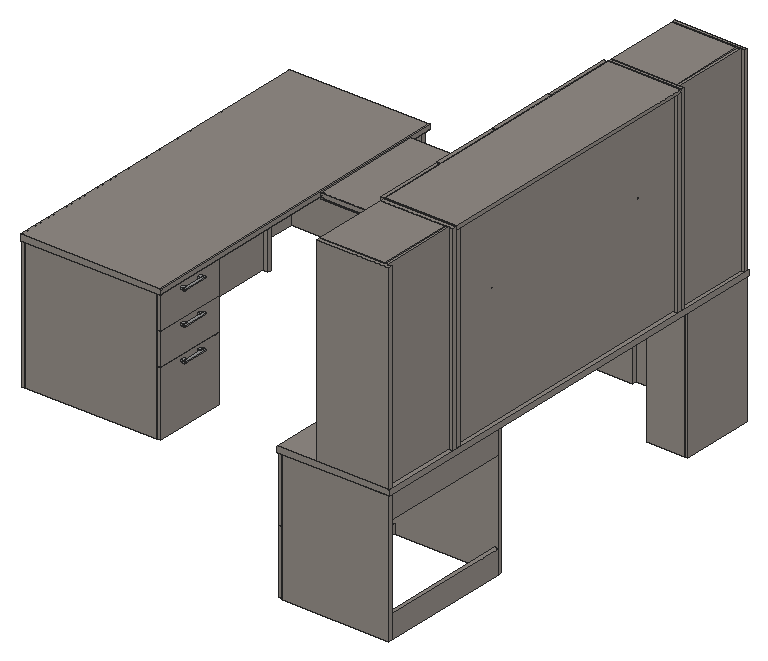
Revit family "JSI-Vision-Typical_Veneer-VSV114", category Furniture, Revit 2020
Family settings
  OmniClass Number = 23.40.20.00
  OmniClass Title = General Furniture and Specialties
  Work Plane-Based = No
  Always vertical = Yes
  Cut with Voids When Loaded = No
  Shared = No
  Room Calculation Point = No
Parameters (values of type "VSV114")
  URL = "www.jsifurniture.com"
  Type Comments = "Typical Veneer"  # constant formula
  Model = "VSV114"
  Manufacturer = "JSI"  # constant formula
  Keynote = "12500"
  Default Elevation = 0"
  Assembly Code = "E2020200"
Reference planes (in)
  plane 1 "Center Front/Back": y = 0
  plane 2: z = 0
  plane 3 "Center Left/Right": x = 0
Dimensions and locks (in)
  aligned and locked: level to plane 2
Nested families (in)
  nested 1: "JSI-Vision-Overhead_Bookcase" at (102.25, -78, -0.8165) x (0, -1, 0) z (0, 0, 1), type "VSV1618BO, Veneer Bookcase OH Cab. 16" x 18""
    with Width 18", Unit Centre 9"
  nested 2: "JSI-Vision-Modular_Wing_End_Support" at (102.25, 0, 0) x (0, -1, 0) z (0, 0, 1), type "VSV1624WEAL, Wing End Sup - Left"
  nested 3: "JSI-Vision-Overhead_Cabinets" at (102.25, -17.875, -0.8165) x (0, -1, 0) z (0, 0, 1), type "VSV1660SO, Veneer OH Cab. 16" x 60", 4 Doors"
    with Verticall Partition Distance 29 3/4", Unit Centre 30", Width 60", Door Width Actual 14 25/32", Door Array Spacing 14 29/32", Door Width 14 25/32", # of Doors 4
  nested 4: "JSI-Vision-Credenza_Top" at (102.25, 0, 27.996) x (0, -1, 0) z (0, 0, 1), type "VSV2496MCT, Veneer Credenza Top, 24" x 96""
    with Height 0", Width 96", Depth 24"
  nested 5: "JSI-Vision-Modular_Multi_File_Pedestal" at (102.25, -65.75, 0) x (0, -1, 0) z (0, 0, 1), type "VSV3024MRM, Veneer Modular Multi File Ped - Right"
    with Multi Pstn 22 5/8", L no, Height 27.996", Depth 24"
  nested 6: "JSI-Vision-Single_Pedestal_Desk-Break_Front_Modesty" at (10.34916, -30.35288, 0) x (0, 1, 0) z (0, 0, 1), type "VSV3072LD, Veneer 30 x 72 Left Ped Desk, Brk Frnt Modesty"
    with Width 72", Height 29.187", Panel FF 56 1/4"
  nested 7: "JSI-Vision-Overhead_Bookcase" at (102.25, -18, -0.8165) x (0, 1, 0) z (0, 0, 1), type "VSV1618BO, Veneer Bookcase OH Cab. 16" x 18""
    with Width 18", Unit Centre 9"
  nested 8: "JSI-Vision-Support_Rail_Work_Surface" at (91.25, -20.94691, 0.18378) x (0, -1, 0) z (0, 0, 1), type "GP0243SB, Metal Support Rail for Work Surface  2W 43 L 3/4H"
  nested 9: "JSI-Vision-Bridge_Modesty_Panel" at (30, 0, 0), type "VSV2448EB, Bridge w/Modesty Panel 24"d x 48"w"
Definition of nested family "JSI-Vision-Overhead_Bookcase"
  Parameters (values of type "Overhead Bookcase - Type Catalog Family")
    Top = none
    Width = 36"
    Unit Centre = Width / 2  # 18"
    URL = "www.jsifurniture.com"
    Type Comments = ""
    Tag = "Open"
    Series = "Vision Casegoods"  # constant formula
    Overhead Height = 26 1/2"
    OH Elevation = 30"
    Model = "Type Catalog"
    Material = ""
    Manufacturer = "JSI"  # constant formula
    Keynote = "12500"  # constant formula
    JSI Enviromental Website = "http://www.jsifurniture.com/jsi_sustainability_intro.php"
    Height = 42"
    Grommet Finish = none
    Door Front = none
    Description = "Type Catalog"
    Depth = 15 7/16"
    Default Elevation = 0"
    Chassis = none
    Assembly Code = "E2020200"
  Reference planes (in)
    plane 1 "Center Front/Back": y = 0
    plane 2: z = 0
    plane 3 "Center Left/Right": x = 0
    plane 4: z = 0
    plane 5: y = -0.125
    plane 6: x = 0.125
    plane 7: x = 36
    plane 8: x = 35.875
    plane 9: y = -15.5625
    plane 10: y = -15.6875
    plane 11: y = -16.4375
    plane 12: x = 0.875
    plane 13: x = 35.125
    plane 14: x = 18
    plane 15: z = 72.5
    plane 16: z = 71.75
    plane 17: z = 30
    plane 18: x = 0.1875
    plane 19: x = 35.8125
    plane 20: z = 72
    plane 21: z = 56.875
    plane 22: z = 43.25
    plane 23: z = 57.25
    plane 24: z = 56.5
    plane 25: z = 43.625
    plane 26: z = 42.875
    plane 27: z = 55
  Forms (in)
    Extrusion 1, solid, material <- "Chassis"
      sketch origin (0, 0, 0) x (1, 0, 0) y (0, 1, 0)
        loop
          line (0.125, -0.125) -> (0.125, -15.5625) -> (0.875, -15.5625) -> (0.875, -0.125) -> (0.125, -0.125)
      from 30 to 72.5
    Extrusion 2, solid, material <- "Chassis"
      sketch origin (0, 0, 0) x (1, 0, 0) y (0, 1, 0)
        loop
          line (35.125, -0.125) -> (35.125, -15.5625) -> (35.875, -15.5625) -> (35.875, -0.125) -> (35.125, -0.125)
      from 30 to 72.5
    Extrusion 3, solid, material <- "Chassis"
      sketch origin (102.12288, -0.9375, 48) x (1, 0, 0) y (0, 0, 1)
        loop
          line (-101.24788, 24.5) -> (-101.24788, -18) -> (-66.99788, -18) -> (-66.99788, 24.5) -> (-101.24788, 24.5)
      from 0 to 0.75
    Extrusion 4, solid, material <- "Top"
      sketch origin (60, -0.125, 48) x (1, 0, 0) y (0, 0, 1)
        loop
          line (-59.125, 24.5) -> (-59.125, 23.75) -> (-24.875, 23.75) -> (-24.875, 24.5) -> (-59.125, 24.5)
      from 1.5625 to 15.4375
    Extrusion 5, solid, material <- "Chassis"
      sketch origin (60, -0.125, 48) x (1, 0, 0) y (0, 0, 1)
        loop
          line (-59.125, 9.25) -> (-59.125, 8.5) -> (-24.875, 8.5) -> (-24.875, 9.25) -> (-59.125, 9.25)
      from 1.5625 to 15.4375
    Extrusion 6, solid, material <- "Chassis"
      sketch origin (60, -0.125, 48) x (1, 0, 0) y (0, 0, 1)
        loop
          line (-59.125, -4.375) -> (-59.125, -5.125) -> (-24.875, -5.125) -> (-24.875, -4.375) -> (-59.125, -4.375)
      from 1.5625 to 15.4375
    Extrusion 7, solid, material <- "Chassis"
      sketch origin (0, 0, 0) x (1, 0, 0) y (0, 1, 0)
        loop
          line (0.875, -14.0625) -> (0.875, -14.8125) -> (35.125, -14.8125) -> (35.125, -14.0625) -> (0.875, -14.0625)
      from 55 to 56.5
  Lines and regions (in)
    symbolic lines
      curve 1: line (35.875, -0.125, 0) -> (0.125, -0.125, 0)
      curve 2: line (0.125, -0.125, 0) -> (0.125, -15.5625, 0)
      curve 3: line (0.125, -15.5625, 0) -> (35.875, -15.5625, 0)
      curve 4: line (35.875, -15.5625, 0) -> (35.875, -0.125, 0)
  Dimensions and locks (in)
    locked: plane 3 "Center Left/Right" to plane 6 at 0.125
    "Width": plane 3 "Center Left/Right" to plane 7
    locked: plane 8 to plane 7 at 0.125
    locked: plane 10 to plane 9 at 0.125
    locked: plane 11 to plane 10 at 0.75
    Extrusion 4 to Extrusion 3 to plane 5 to plane 1 "Center Front/Back" = 3/4" locked, 13/16" locked, 1/8" locked
    locked: plane 6 to plane 12 at 0.75
    locked: plane 13 to plane 8 at 0.75
    "Unit Centre": plane 3 "Center Left/Right" to plane 14
    locked: plane 15 to plane 16 at 0.75
    "OH Elevation": plane 17 to plane 4
    locked: plane 6 to plane 18 at 0.0625
    locked: plane 19 to plane 8 at 0.0625
    "Depth": plane 9 to plane 5
    locked: plane 15 to plane 20 at 0.5
    "Height": plane 20 to plane 17
    plane 23 to plane 21 to plane 24 = 3/8" locked, 3/8" locked
    plane 25 to plane 22 to plane 26 = 3/8" locked, 3/8" locked
    locked: plane 24 to plane 27 at 1.5
    equal spacing: plane 24, plane 22, plane 17
    "Overhead Height": plane 24 to plane 17
    plane 11 to Extrusion 7 sketch curve to Extrusion 7 sketch curve = 1 5/8" locked, 3/4" locked
    plane 5 to Extrusion 3 to Extrusion 3 = 13/16" locked, 3/4" locked
    aligned and locked: level to plane 2
    aligned and locked: plane 6 to Extrusion 1 sketch curve
    aligned and locked: Extrusion 1 sketch curve to plane 9
    aligned and locked: Extrusion 1 sketch curve to plane 12
    aligned and locked: plane 5 to Extrusion 1 sketch curve
    aligned and locked: plane 13 to Extrusion 2 sketch curve
    aligned and locked: Extrusion 2 sketch curve to plane 9
    aligned and locked: Extrusion 2 sketch curve to plane 8
    aligned and locked: plane 5 to Extrusion 2 sketch curve
    aligned and locked: plane 12 to Extrusion 3 sketch curve
    aligned and locked: Extrusion 3 sketch curve to plane 13
    aligned and locked: Extrusion 1 to plane 17
    aligned and locked: Extrusion 2 to plane 17
    aligned and locked: plane 16 to Extrusion 4 sketch curve
    aligned and locked: Extrusion 4 sketch curve to plane 15
    aligned and locked: Extrusion 5 sketch curve to plane 23
    aligned and locked: plane 24 to Extrusion 5 sketch curve
    aligned and locked: Extrusion 5 sketch curve to plane 13
    aligned and locked: plane 12 to Extrusion 5 sketch curve
    aligned and locked: Extrusion 6 sketch curve to plane 25
    aligned and locked: plane 26 to Extrusion 6 sketch curve
    aligned and locked: Extrusion 6 sketch curve to plane 13
    aligned and locked: plane 12 to Extrusion 6 sketch curve
    aligned and locked: plane 9 to Extrusion 5
    aligned and locked: plane 9 to Extrusion 6
    aligned and locked: Extrusion 7 sketch curve to plane 13
    aligned and locked: plane 12 to Extrusion 7 sketch curve
    aligned and locked: plane 24 to Extrusion 7
    aligned and locked: Extrusion 7 to plane 27
    aligned and locked: plane 14 to nested 1
    aligned and locked: plane 9 to nested 1
    aligned and locked: plane 15 to Extrusion 1
    aligned and locked: plane 15 to Extrusion 2
    aligned and locked: plane 15 to Extrusion 3
    aligned and locked: plane 13 to Extrusion 4
    aligned and locked: Extrusion 4 to plane 12
    aligned and locked: plane 9 to Extrusion 4
    aligned and locked: curve 1 to Extrusion 1
    aligned and locked: curve 2 to Extrusion 1
    aligned and locked: curve 3 to Extrusion 4
    aligned and locked: curve 4 to Extrusion 2
    aligned and locked: Extrusion 3 to Extrusion 4
    aligned and locked: Extrusion 5 to Extrusion 3
    aligned and locked: Extrusion 6 to Extrusion 3
  Automatic sketch dimensions
    plane 16 to Extrusion 3 sketch curve = 3/4"
    plane 6 to Extrusion 4 sketch curve = 3/4"
    Extrusion 4 sketch curve to plane 8 = 3/4"
    Extrusion 3 sketch curve to plane 17 = 0"
  Nested families (in)
    nested 1: "Label 1-16 OH" at (18, -15.5625, 0), type "OH DOORS"
  Definition of nested family "Label 1-16 OH"
    Parameters
      Width = 1"
      Model Name = "4 Doors"
    Reference planes (in)
      plane 1: y = 0
      plane 2: x = 0
    Text (in)
      label "XX" at (0.00051, -0.12324, 0), shows "Model Name"
Definition of nested family "JSI-Vision-Modular_Wing_End_Support"
  Parameters (values of type "VST1624WEAL, Wing End Sup - Left")
    Width = 16"
    URL = "www.jsifurniture.com"
    Series = "Vision Casegoods"  # constant formula
    Pnl Pstn = if(L, 1/8", Width - 7/8")  # 1/8"
    Model = "VST1624WEAL"
    Manufacturer = "JSI"  # constant formula
    L = yes
    Keynote = "12500"  # constant formula
    JSI Enviromental website = "http://www.jsifurniture.com/jsi_sustainability_intro.php"
    Height = 28"
    Grommet Finish = none
    Description = "Wing End Support 16\"W x 24\"D - Left"
    Depth = 24"
    Default Elevation = 0"
    Chassis = none
    Assembly Code = "E2020200"
  Reference planes (in)
    plane 1 "Center Front/Back": y = 0
    plane 2: z = 0
    plane 3 "Center Left/Right": x = 0
    plane 4: x = 0.125
    plane 5: x = 15.875
    plane 6: x = 16
    plane 7: y = -0.1875
    plane 8: z = 28
    plane 9: x = 0.875
    plane 10: x = 15.126
    plane 11: y = -24
    plane 12: y = -23.8125
    plane 13: y = -0.9375
    plane 14: x = 0.125
    plane 15: x = 15.875
  Forms (in)
    Extrusion 1, solid, material <- "Chassis"
      sketch origin (0, 0, 0) x (1, 0, 0) y (0, 1, 0)
        loop
          line (0.125, -0.1875) -> (0.125, -0.9375) -> (15.875, -0.9375) -> (15.875, -0.1875) -> (0.125, -0.1875)
      from 0 to 28
    Extrusion 2, solid, material <- "Chassis"
      sketch origin (0.125, -0.1875, 48) x (0, 1, 0) y (0, 0, 1)
        loop
          line (-0.75, -20) -> (-23.625, -20) -> (-23.625, -48) -> (-0.75, -48) -> (-0.75, -20)
      from 0 to 0.75
    Extrusion 3, solid, material <- "Chassis"
      sketch origin (15.875, -0.1875, 48) x (0, 1, 0) y (0, 0, 1)
        loop
          line (-0.75, -20) -> (-8.75, -20) -> (-8.75, -48) -> (-0.75, -48) -> (-0.75, -20)
      from -0.749 to 0
    Extrusion 4, solid, material <- "Chassis"
      sketch origin (0, 0, 0) x (0, 1, 0) y (0, 0, 1)
        loop
          line (-0.9375, 1.75) -> (-0.9375, 2.5) -> (-2.875, 2.5) -> (-2.875, 1.75) -> (-0.9375, 1.75)
      from 0.875 to 15.126
  Lines and regions (in)
    symbolic lines
      curve 1: line (15.875, -0.1875, 0) -> (0.125, -0.1875, 0)
      curve 2: line (0.125, -23.8125, 0) -> (0.125, -0.1875, 0)
      curve 3: line (15.875, -0.1875, 0) -> (15.875, -4.9375, 0)
      curve 4: line (0.125, -0.9375, 0) -> (15.875, -0.9375, 0)
      curve 5: line (0.875, -0.9375, 0) -> (0.875, -23.8125, 0)
      curve 6: line (0.125, -23.8125, 0) -> (0.875, -23.8125, 0)
      curve 7: line (15.126, -0.9375, 0) -> (15.126, -4.9375, 0)
      curve 8: line (15.126, -4.9375, 0) -> (15.875, -4.9375, 0)
  Dimensions and locks (in)
    locked: plane 1 "Center Front/Back" to plane 7 at 0.1875
    "Height": plane 8 to level
    locked: plane 4 to plane 9 at 0.75
    locked: plane 10 to plane 5 at 0.749
    "Depth": plane 11 to plane 1 "Center Front/Back"
    "Width": plane 3 "Center Left/Right" to plane 6
    locked: plane 3 "Center Left/Right" to plane 14 at 0.125
    locked: plane 15 to plane 6 at 0.125
    locked: Extrusion 1 to Extrusion 4 at 0.75
    locked: Extrusion 4 to Extrusion 1 at 0.749
    "Pnl Pstn": plane 3 "Center Left/Right" to plane 4
    "Pnl Pstn": plane 5 to plane 6
    locked: plane 12 to plane 11 at 0.1875
    Extrusion 4 to Extrusion 4 to plane 2 = 3/4" locked, 1 3/4" locked
    locked: plane 13 to Extrusion 4 at 1.9375
    aligned and locked: level to plane 2
    aligned and locked: Extrusion 1 sketch curve to plane 7
    aligned and locked: Extrusion 2 sketch curve to level
    aligned and locked: Extrusion 3 sketch curve to plane 8
    aligned and locked: level to Extrusion 3 sketch curve
    aligned and locked: Extrusion 2 to plane 12
    aligned and locked: plane 13 to Extrusion 2
    aligned and locked: plane 9 to Extrusion 2
    aligned and locked: Extrusion 2 to plane 4
    aligned and locked: Extrusion 1 to plane 14
    aligned and locked: plane 15 to Extrusion 1
    aligned and locked: curve 6 to plane 12
    aligned and locked: plane 13 to Extrusion 4 sketch curve
    aligned and locked: plane 13 to Extrusion 3
    aligned and locked: plane 14 to curve 1
  Automatic sketch dimensions
    plane 11 to Extrusion 3 sketch curve = 15 1/16"
    Extrusion 2 sketch curve to plane 8 = 0"
    plane 12 to Extrusion 2 sketch curve = 0"
    Extrusion 1 sketch curve to plane 7 = 3/4"
    Extrusion 2 sketch curve to plane 7 = 3/4"
    Extrusion 3 sketch curve to plane 7 = 3/4"
    Extrusion 1 sketch curve to plane 4 = 0"
    plane 5 to Extrusion 1 sketch curve = 0"
    curve 7 to plane 10 = 0"
    curve 3 to plane 5 = 0"
    curve 2 to plane 4 = 0"
    curve 6 to plane 9 = 0"
    curve 1 to plane 15 = 0"
    curve 4 to plane 13 = 0"
    curve 7 to plane 13 = 0"
    curve 5 to plane 13 = 0"
    curve 2 to plane 7 = 0"
    level to Extrusion 4 sketch curve = 1 3/4"
    Extrusion 4 sketch curve to Extrusion 4 sketch curve = 3/4"
    curve 3 to curve 4 = 4"
    Extrusion 4 sketch curve to plane 13 = 1 15/16"
Definition of nested family "JSI-Vision-Overhead_Cabinets"
  Parameters (values of type "Overhead Cab. Doors - Type Catalog Family")
    Verticall Partition Distance = (Door Width * 2) + 3/16"  # 29 13/16"
    Unit Centre = Width / 2  # 45"
    Top = none
    Width = 90"
    URL = "www.jsifurniture.com"
    Type Comments = ""
    Tag = "6 Doors"
    Series = "Vision Casegoods"  # constant formula
    Right Vertical Partition = yes
    Overhead Height = 26 1/2"
    OH Elevation = 30"
    Model = "Type Catalog"
    Material = ""
    Manufacturer = "JSI"  # constant formula
    Left Vertical Partition = yes
    Keynote = "12500"  # constant formula
    JSI Enviromental Website = "http://www.jsifurniture.com/jsi_sustainability_intro.php"
    Height = 42"
    Grommet Finish = none
    Gromett Height = OH Elevation + 24 5/8"  # 54 5/8"
    Door Width Actual = if(# of Doors > 4, ((Width - 1 1/8") / # of Doors), if(# of Doors > 3, (((Width - 1 1/8") / # of Doors) + 1/16"), if(# of Doors > 2, (((Width - 1 1/8") / # of Doors) + 1/8"), (((Width - 1 1/8") / # of Doors) + 1/4"))))  # 14 13/16"
    Door Array Spacing = Door Width + 1/8"  # 14 15/16"
    Door Width = Door Width Actual  # 14 13/16"
    Door Front = none
    Description = "Type Catalog"
    Depth = 16"
    Default Elevation = 0"
    Chassis = none
    Assembly Code = "E2020200"
    # of Doors = if(Width > 89", 6, (if(Width > 53", 4, (if(Width > 41", 3, (if(Width > 30", 2, 2)))))))  # 6
  Reference planes (in)
    plane 1 "Center Front/Back": y = 0
    plane 2: z = 0
    plane 3 "Center Left/Right": x = 0
    plane 4 "a": z = 0
    plane 5: y = -0.125
    plane 6: x = 90
    plane 7: x = 0.125
    plane 8: x = 89.875
    plane 9: y = -15.5625
    plane 10: y = -16
    plane 11: z = 72.5
    plane 12: z = 72
    plane 13: x = 0.875
    plane 14: x = 89.125
    plane 15: y = -0.875
    plane 16: y = -0.9375
    plane 17: y = -1.6875
    plane 18: z = 71.75
    plane 19: z = 56.5
    plane 20: z = 57.25
    plane 21: z = 55
    plane 22: y = -14.8125
    plane 23: y = -14.0625
    plane 24: x = 0.25
    plane 25: x = 89.75
    plane 26: z = 72.4375
    plane 27: z = 55.1875
    plane 28: y = -15.6875
    plane 29: y = -16.4375
    plane 30: x = 45
    plane 31: x = 30.0625
    plane 32: x = 59.9375
    plane 33: x = 29.6875
    plane 34: x = 30.4375
    plane 35: x = 59.5625
    plane 36: x = 60.3125
    plane 37 "Not a Reference": x = 6.875
    plane 38: x = 83.125
    plane 39: z = 30
  Forms (in)
    Extrusion 1, solid, material <- "Chassis"
      sketch origin (0, 0, 0) x (1, 0, 0) y (0, 1, 0)
        loop
          line (0.125, -0.125) -> (0.125, -15.5625) -> (0.875, -15.5625) -> (0.875, -0.125) -> (0.125, -0.125)
      from 30 to 71.75
    Extrusion 2, solid, material <- "Chassis"
      sketch origin (0, 0, 0) x (1, 0, 0) y (0, 1, 0)
        loop
          line (89.875, -0.125) -> (89.125, -0.125) -> (89.125, -15.5625) -> (89.875, -15.5625) -> (89.875, -0.125)
      from 30 to 71.75
    Extrusion 3, solid, material <- "Door Front"
      sketch origin (0, 0, 0) x (1, 0, 0) y (0, 0, 1)
        loop
          line (0.125, 72.5) -> (0.125, 71.75) -> (89.875, 71.75) -> (89.875, 72.5) -> (0.125, 72.5)
      from 0.125 to 15.5625
    Extrusion 4, solid, material <- "Chassis"
      sketch origin (0, 0, 0) x (1, 0, 0) y (0, 0, 1)
        loop
          line (0.875, 57.25) -> (0.875, 56.5) -> (89.125, 56.5) -> (89.125, 57.25) -> (0.875, 57.25)
      from 1.6875 to 15.5625
    Extrusion 5, solid, material <- "Chassis"
      sketch origin (0, 0, 0) x (1, 0, 0) y (0, 1, 0)
        loop
          line (0.875, -14.0625) -> (0.875, -14.8125) -> (89.125, -14.8125) -> (89.125, -14.0625) -> (0.875, -14.0625)
      from 55 to 56.5
    Extrusion 6, solid, material <- "Door Front"
      sketch origin (-3, 0, 18) x (1, 0, 0) y (0, 1, 0)
        loop
          line (3.25, -15.6875) -> (3.25, -16.4375) -> (18.0625, -16.4375) -> (18.0625, -15.6875) -> (3.25, -15.6875)
      from 37.1875 to 54.4375
    Extrusion 7, solid, material <- "Door Front"
      sketch origin (11.9375, 0, 18) x (1, 0, 0) y (0, 1, 0)
        loop
          line (3.25, -15.6875) -> (3.25, -16.4375) -> (18.0625, -16.4375) -> (18.0625, -15.6875) -> (3.25, -15.6875)
      from 37.1875 to 54.4375
    Extrusion 8, solid, material <- "Chassis", visible <- "Left Vertical Partition"
      sketch origin (0, 0, 0) x (1, 0, 0) y (0, 1, 0)
        loop
          line (29.6875, -1.6875) -> (29.6875, -15.5625) -> (30.4375, -15.5625) -> (30.4375, -1.6875) -> (29.6875, -1.6875)
      from 57.25 to 71.75
    Extrusion 9, solid, material <- "Chassis", visible <- "Right Vertical Partition"
      sketch origin (0, 0, 0) x (1, 0, 0) y (0, 1, 0)
        loop
          line (59.5625, -1.6875) -> (59.5625, -15.5625) -> (60.3125, -15.5625) -> (60.3125, -1.6875) -> (59.5625, -1.6875)
      from 57.25 to 71.75
    Extrusion 10, solid, material <- "Chassis"
      sketch origin (130.61992, -0.9375, 48) x (1, 0, 0) y (0, 0, 1)
        loop
          line (-129.74492, 23.75) -> (-129.74492, -18) -> (-41.49492, -18) -> (-41.49492, 23.75) -> (-129.74492, 23.75)
        loop
          circle (-120.11946, 7.90657) r 0.33443
        loop
          circle (-51.12039, 7.90657) r 0.33443
      from 0 to 0.75
    Extrusion 11, solid, material <- "Door Front"
      sketch origin (26.875, 0, 18) x (1, 0, 0) y (0, 1, 0)
        loop
          line (3.25, -15.6875) -> (3.25, -16.4375) -> (18.0625, -16.4375) -> (18.0625, -15.6875) -> (3.25, -15.6875)
      from 37.1875 to 54.4375
    Extrusion 12, solid, material <- "Door Front"
      sketch origin (41.8125, 0, 18) x (1, 0, 0) y (0, 1, 0)
        loop
          line (3.25, -15.6875) -> (3.25, -16.4375) -> (18.0625, -16.4375) -> (18.0625, -15.6875) -> (3.25, -15.6875)
      from 37.1875 to 54.4375
    Extrusion 13, solid, material <- "Door Front"
      sketch origin (56.75, 0, 18) x (1, 0, 0) y (0, 1, 0)
        loop
          line (3.25, -15.6875) -> (3.25, -16.4375) -> (18.0625, -16.4375) -> (18.0625, -15.6875) -> (3.25, -15.6875)
      from 37.1875 to 54.4375
    Extrusion 14, solid, material <- "Door Front"
      sketch origin (71.6875, 0, 18) x (1, 0, 0) y (0, 1, 0)
        loop
          line (3.25, -15.6875) -> (3.25, -16.4375) -> (18.0625, -16.4375) -> (18.0625, -15.6875) -> (3.25, -15.6875)
      from 37.1875 to 54.4375
  Lines and regions (in)
    symbolic lines
      curve 1: line (0.125, -0.125, 0) -> (0.125, -15.5625, 0)
      curve 2: line (89.875, -0.125, 0) -> (0.125, -0.125, 0)
      curve 3: line (0.125, -15.5625, 0) -> (89.875, -15.5625, 0)
      curve 4: line (89.875, -15.5625, 0) -> (89.875, -0.125, 0)
      curve 5: line (0.25, -15.6875, 0) -> (15.0625, -15.6875, 0)
      curve 6: line (0.25, -16.4375, 0) -> (0.25, -15.6875, 0)
      curve 7: line (15.0625, -16.4375, 0) -> (0.25, -16.4375, 0)
      curve 8: line (15.0625, -15.6875, 0) -> (15.0625, -16.4375, 0)
      curve 9: line (15.1875, -15.6875, 0) -> (30, -15.6875, 0)
      curve 10: line (15.1875, -16.4375, 0) -> (15.1875, -15.6875, 0)
      curve 11: line (30, -16.4375, 0) -> (15.1875, -16.4375, 0)
      curve 12: line (30, -15.6875, 0) -> (30, -16.4375, 0)
      curve 13: line (30.125, -15.6875, 0) -> (44.9375, -15.6875, 0)
      curve 14: line (30.125, -16.4375, 0) -> (30.125, -15.6875, 0)
      curve 15: line (44.9375, -16.4375, 0) -> (30.125, -16.4375, 0)
      curve 16: line (44.9375, -15.6875, 0) -> (44.9375, -16.4375, 0)
      curve 17: line (45.0625, -15.6875, 0) -> (59.875, -15.6875, 0)
      curve 18: line (45.0625, -16.4375, 0) -> (45.0625, -15.6875, 0)
      curve 19: line (59.875, -16.4375, 0) -> (45.0625, -16.4375, 0)
      curve 20: line (59.875, -15.6875, 0) -> (59.875, -16.4375, 0)
      curve 21: line (60, -15.6875, 0) -> (74.8125, -15.6875, 0)
      curve 22: line (60, -16.4375, 0) -> (60, -15.6875, 0)
      curve 23: line (74.8125, -16.4375, 0) -> (60, -16.4375, 0)
      curve 24: line (74.8125, -15.6875, 0) -> (74.8125, -16.4375, 0)
      curve 25: line (74.9375, -15.6875, 0) -> (89.75, -15.6875, 0)
      curve 26: line (74.9375, -16.4375, 0) -> (74.9375, -15.6875, 0)
      curve 27: line (89.75, -16.4375, 0) -> (74.9375, -16.4375, 0)
      curve 28: line (89.75, -15.6875, 0) -> (89.75, -16.4375, 0)
  Dimensions and locks (in)
    plane 3 "Center Left/Right" to plane 7 to plane 24 = 1/8" locked, 1/8" locked
    plane 25 to plane 8 to plane 6 = 1/8" locked, 1/8" locked
    locked: plane 5 to plane 1 "Center Front/Back" at 0.125
    plane 10 to plane 9 to plane 22 to plane 23 = 7/16" locked, 3/4" locked, 3/4" locked
    "Width": plane 3 "Center Left/Right" to plane 6
    "Depth": plane 10 to plane 1 "Center Front/Back"
    locked: plane 11 to plane 12 at 0.5
    locked: plane 7 to plane 13 at 0.75
    locked: plane 14 to plane 8 at 0.75
    locked: plane 15 to plane 5 at 0.75
    plane 17 to plane 16 to plane 5 = 3/4" locked, 13/16" locked
    locked: plane 11 to plane 18 at 0.75
    plane 20 to plane 19 to plane 21 = 3/4" locked, 1 1/2" locked
    plane 18 to plane 20 = 14 1/2"
    locked: plane 11 to plane 26 at 0.0625
    locked: plane 27 to plane 21 at 0.1875
    plane 29 to plane 28 to plane 9 = 3/4" locked, 1/8" locked
    "Door Width": Extrusion 6 sketch curve to Extrusion 6 sketch curve
    "Door Width": Extrusion 7 sketch curve to Extrusion 7 sketch curve
    equal spacing: group 1, group 2, group 3, group 4, group 5, group 6  (x3)
    "Door Array Spacing": Extrusion 6 to Extrusion 7
    "Verticall Partition Distance": plane 24 to plane 31
    plane 33 to plane 31 to plane 34 = 3/8" locked, 3/8" locked
    plane 35 to plane 32 to plane 36 = 3/8" locked, 3/8" locked
    "Verticall Partition Distance": plane 32 to plane 25
    "Unit Centre": plane 3 "Center Left/Right" to plane 30
    locked: plane 13 to plane 37 "Not a Reference" at 6
    locked: plane 38 to plane 14 at 6
    "Door Width": Extrusion 11 sketch curve to Extrusion 11 sketch curve
    "Door Width": Extrusion 12 sketch curve to Extrusion 12 sketch curve
    "OH Elevation": plane 39 to plane 4 "a"
    "Height": plane 12 to plane 39
    "Overhead Height": plane 19 to plane 39
    "Door Width": Extrusion 13 sketch curve to Extrusion 13 sketch curve
    "Door Width": Extrusion 14 sketch curve to Extrusion 14 sketch curve
    locked: Extrusion 10 sketch curve to Extrusion 10 sketch curve at 9.62546  (x2)
    locked: Extrusion 10 sketch curve to Extrusion 10 sketch curve at 15.84343  (x2)
    aligned and locked: level to plane 2
    aligned and locked: plane 5 to Extrusion 1 sketch curve
    aligned and locked: plane 7 to Extrusion 1 sketch curve
    aligned and locked: Extrusion 1 sketch curve to plane 13
    aligned and locked: Extrusion 2 sketch curve to plane 5
    aligned and locked: plane 8 to Extrusion 2 sketch curve
    aligned and locked: Extrusion 2 sketch curve to plane 14
    aligned and locked: Extrusion 3 sketch curve to plane 11
    aligned and locked: plane 7 to Extrusion 3 sketch curve
    aligned and locked: Extrusion 3 to plane 5
    aligned and locked: plane 9 to Extrusion 1
    aligned and locked: plane 9 to Extrusion 2
    aligned and locked: plane 9 to Extrusion 3
    aligned and locked: Extrusion 4 sketch curve to plane 20
    aligned and locked: plane 13 to Extrusion 4 sketch curve
    aligned and locked: plane 19 to Extrusion 4 sketch curve
    aligned and locked: Extrusion 4 sketch curve to plane 14
    aligned and locked: Extrusion 4 to plane 17
    aligned and locked: plane 9 to Extrusion 4
    aligned and locked: plane 23 to Extrusion 5 sketch curve
    aligned and locked: plane 13 to Extrusion 5 sketch curve
    aligned and locked: Extrusion 5 sketch curve to plane 22
    aligned and locked: Extrusion 5 sketch curve to plane 14
    aligned and locked: plane 19 to Extrusion 5
    aligned and locked: Extrusion 5 to plane 21
    aligned and locked: plane 26 to Extrusion 6
    aligned and locked: Extrusion 6 to plane 24
    aligned and locked: plane 17 to Extrusion 8 sketch curve
    aligned and locked: plane 33 to Extrusion 8 sketch curve
    aligned and locked: Extrusion 8 sketch curve to plane 9
    aligned and locked: Extrusion 8 sketch curve to plane 34
    aligned and locked: plane 17 to Extrusion 9 sketch curve
    aligned and locked: plane 35 to Extrusion 9 sketch curve
    aligned and locked: Extrusion 9 sketch curve to plane 9
    aligned and locked: Extrusion 9 sketch curve to plane 36
    aligned and locked: plane 18 to Extrusion 8
    aligned and locked: Extrusion 8 to plane 20
    aligned and locked: plane 18 to Extrusion 9
    aligned and locked: Extrusion 9 to plane 20
    aligned and locked: Extrusion 1 to Extrusion 10 sketch curve
    aligned and locked: Extrusion 10 sketch curve to Extrusion 1
    aligned and locked: Extrusion 2 to Extrusion 10 sketch curve
    aligned and locked: Extrusion 10 to plane 16
    aligned and locked: plane 17 to Extrusion 10
    aligned and locked: plane 30 to nested 1
    aligned and locked: plane 29 to nested 1
    aligned and locked: plane 26 to Extrusion 7
    aligned and locked: plane 18 to Extrusion 1
    aligned and locked: plane 18 to Extrusion 2
    aligned and locked: Extrusion 6 to plane 27
    aligned and locked: curve 1 to Extrusion 3
    aligned and locked: curve 2 to Extrusion 3
    aligned and locked: curve 3 to Extrusion 3
    aligned and locked: curve 4 to Extrusion 3
    aligned and locked: Extrusion 1 to plane 39
    aligned and locked: Extrusion 2 to plane 39
    aligned and locked: curve 5 to Extrusion 6
    aligned and locked: curve 6 to Extrusion 6
    aligned and locked: curve 7 to Extrusion 6
    aligned and locked: curve 8 to Extrusion 6
    aligned and locked: curve 9 to Extrusion 7
    aligned and locked: curve 10 to Extrusion 7
    aligned and locked: curve 11 to Extrusion 7
    aligned and locked: curve 12 to Extrusion 7
    aligned and locked: curve 13 to Extrusion 11
    aligned and locked: curve 14 to Extrusion 11
    aligned and locked: curve 15 to Extrusion 11
    aligned and locked: curve 16 to Extrusion 11
    aligned and locked: curve 17 to Extrusion 12
    aligned and locked: curve 18 to Extrusion 12
    aligned and locked: curve 19 to Extrusion 12
    aligned and locked: curve 20 to Extrusion 12
    aligned and locked: curve 21 to Extrusion 13
    aligned and locked: curve 22 to Extrusion 13
    aligned and locked: curve 23 to Extrusion 13
    aligned and locked: curve 24 to Extrusion 13
    aligned and locked: curve 25 to Extrusion 14
    aligned and locked: curve 26 to Extrusion 14
    aligned and locked: curve 27 to Extrusion 14
    aligned and locked: curve 28 to Extrusion 14
  Automatic sketch dimensions
    Extrusion 1 sketch curve to plane 10 = 7/16"
    Extrusion 3 sketch curve to plane 8 = 0"
    Extrusion 3 sketch curve to plane 18 = 0"
    plane 9 to Extrusion 2 sketch curve = 0"
    Extrusion 6 sketch curve to Extrusion 6 sketch curve = 3/4"
    Extrusion 7 sketch curve to Extrusion 7 sketch curve = 3/4"
    Extrusion 11 sketch curve to Extrusion 11 sketch curve = 3/4"
    Extrusion 12 sketch curve to Extrusion 12 sketch curve = 3/4"
    curve 6 to curve 7 = 14 13/16"
    curve 6 to curve 6 = 3/4"
    curve 10 to curve 11 = 14 13/16"
    curve 10 to curve 10 = 3/4"
    curve 14 to curve 15 = 14 13/16"
    curve 14 to curve 14 = 3/4"
    curve 18 to curve 19 = 14 13/16"
    curve 18 to curve 18 = 3/4"
    Extrusion 13 sketch curve to Extrusion 13 sketch curve = 3/4"
    curve 22 to curve 23 = 14 13/16"
    curve 22 to curve 22 = 3/4"
    Extrusion 14 sketch curve to Extrusion 14 sketch curve = 3/4"
    curve 26 to curve 27 = 14 13/16"
    curve 26 to curve 26 = 3/4"
    Extrusion 10 sketch curve to plane 39 = 0"
    radius of Extrusion 10 sketch curve = 0.33443"  (x2)
  Nested families (in)
    nested 1: "Label 1-16 OH" at (45, -16.4375, 0), type "OH DOORS"
  Definition of nested family "Label 1-16 OH"
    Parameters
      Width = 1"
      Model Name = "XX"
    Reference planes (in)
      plane 1: y = 0
      plane 2: x = 0
    Text (in)
      label "XX" at (0.00051, -0.12324, 0), shows "Model Name"
Definition of nested family "JSI-Vision-Credenza_Top"
  Parameters (values of type "Type Catalog")
    Worksurface = none
    Width = 30"
    URL = "www.jsifurniture.com"
    Type Comments = ""
    Series = "Vision Casegoods"  # constant formula
    Model = "Type Catalog"
    Material = ""
    Manufacturer = "JSI"  # constant formula
    Keynote = "12500"
    JSI Enviromental Website = "http://www.jsifurniture.com/jsi_sustainability_intro.php"
    Height [instance] = 0"
    Description = "Type Catalog"
    Depth = 20"
    Default Elevation = 0"
    Assembly Code = "E2020200"
  Reference planes (in)
    plane 1 "Center Front/Back": y = 0
    plane 2: z = 0
    plane 3 "Center Left/Right": x = 0
    plane 4: z = 0
    plane 5: x = 30
    plane 6: y = -20
    plane 7: z = 1.1875
    plane 8: z = 0
  Forms (in)
    Extrusion 1, solid, material <- "Worksurface"
      sketch origin (0, 0, 28) x (0, 1, 0) y (0, 0, 1)
        loop
          line (-19.88189, -28) -> (0, -28) -> (0, -26.8125) -> (-19.88189, -26.8125)
          arc (-19.88189, -26.8125) -> (-19.96541, -26.84709) -> (-20, -26.93061) r 0.11811
          line (-20, -26.93061) -> (-20, -27.88189)
          arc (-20, -27.88189) -> (-19.96541, -27.96541) -> (-19.88189, -28) r 0.11811
      from 0 to 30
  Lines and regions (in)
    symbolic lines
      curve 1: line (0, 0, 0) -> (30, 0, 0)
      curve 2: line (0, -20, 0) -> (0, 0, 0)
      curve 3: line (30, -20, 0) -> (0, -20, 0)
      curve 4: line (30, 0, 0) -> (30, -20, 0)
  Dimensions and locks (in)
    "Depth": plane 6 to plane 1 "Center Front/Back"
    "Width": plane 5 to plane 3 "Center Left/Right"
    locked: plane 7 to plane 8 at 1.1875
    "Height": plane 8 to level
    aligned and locked: level to plane 2
    aligned and locked: plane 5 to Extrusion 1
    aligned and locked: curve 1 to Extrusion 1
    aligned and locked: curve 2 to Extrusion 1
    aligned and locked: plane 6 to curve 3
    aligned and locked: curve 4 to plane 5
    aligned and locked: Extrusion 1 to plane 8
    aligned and locked: plane 7 to Extrusion 1
  Automatic sketch dimensions
    Extrusion 1 sketch curve to plane 6 = 0"
    level to Extrusion 1 sketch curve = 0"
    Extrusion 1 sketch curve to plane 7 = 0"
    Extrusion 1 sketch curve to plane 1 "Center Front/Back" = 0"
    Extrusion 1 sketch curve to Extrusion 1 sketch curve = 0.11811"
    plane 6 to Extrusion 1 sketch curve = 0.11811"
Definition of nested family "JSI-Vision-Modular_Multi_File_Pedestal"
  Parameters (values of type "Type Catalog")
    Width = 30"
    URL = "www.jsifurniture.com"
    Tag = "Multi File"
    Series = "Vision Casegoods"  # constant formula
    Pull Finish = none
    Multi Pstn = if(L, (Width / 4) + 1/8", (3 * Width / 4) + 1/8")  # 7 5/8"
    Model = "Type Catalog"
    Manufacturer = "JSI"  # constant formula
    L = yes
    Keynote = "12500"
    JSI Enviromental website = "http://www.jsifurniture.com/jsi_sustainability_intro.php"
    Height = 28"
    Drwr Width = (Width / 2) - 1/8"  # 14 7/8"
    Description = "Type Catalog"
    Depth = 20"
    Default Elevation = 0"
    Chassis = none
    Grommet Finish = none
    Drawer Front = none
    Assembly Code = "E2020200"
  Reference planes (in)
    plane 1 "Center Front/Back": y = 0
    plane 2: z = 0
    plane 3 "Center Left/Right": x = 0
    plane 4: x = 0.125
    plane 5: x = 30.125
    plane 6: x = 30.25
    plane 7: y = -18.9795
    plane 8: y = -0.1875
    plane 9: y = -19.1095
    plane 10: x = 0.18716
    plane 11: x = 30.06243
    plane 12: y = -19.8595
    plane 13: z = 0.14093
    plane 14: z = 13.95343
    plane 15: z = 14.07843
    plane 16: z = 27.89093
    plane 17: z = 28
    plane 18: x = 0.875
    plane 19: x = 29.376
    plane 20: y = -0.9375
    plane 21: y = -18.23863
    plane 22: z = 13.20284
    plane 23: z = 26.5625
    plane 24: y = -3.9375
    plane 25: x = 15.125
    plane 26: y = -20
    plane 27: y = -9.80266
    plane 28: y = -14.80266
    plane 29: z = 27.09458
    plane 30: z = 21.04768
    plane 31: z = 20.92218
    plane 32: z = 20.17102
    plane 33: x = 7.625
    plane 34: x = 22.625
  Forms (in)
    Extrusion 1, solid, material <- "Chassis"
      sketch origin (0.125, -0.1875, 48) x (0, 1, 0) y (0, 0, 1)
        loop
          line (0, -20) -> (-1.62159, -20) -> (-18.792, -20) -> (-18.792, -48) -> (0, -48) -> (0, -20)
      from 0 to 0.75
    Extrusion 2, solid, material <- "Chassis"
      sketch origin (30.125, -0.1875, 48) x (0, 1, 0) y (0, 0, 1)
        loop
          line (0, -20) -> (-1.14496, -20) -> (-18.792, -20) -> (-18.792, -48) -> (0, -48) -> (0, -20)
      from -0.749 to 0
    Extrusion 3, solid, material <- "Drawer Front"
      sketch origin (0, 0, 0) x (1, 0, 0) y (0, 0, 1)
        loop
          line (0.18716, 13.95343) -> (0.18716, 0.14093) -> (30.06243, 0.14093) -> (30.06243, 13.95343) -> (0.18716, 13.95343)
      from 19.1095 to 19.8595
    Extrusion 4, solid, material <- "Chassis"
      sketch origin (0, 0, 0) x (1, 0, 0) y (0, 1, 0)
        loop
          line (0.875, -18.23863) -> (0.875, -18.9795) -> (29.376, -18.9795) -> (29.376, -18.23863) -> (0.875, -18.23863)
      from 0 to 1.9375
    Extrusion 5, solid, material <- "Chassis"
      sketch origin (0, 0, 0) x (0, 1, 0) y (0, 0, 1)
        loop
          line (-9.80266, 27.09458) -> (-9.80266, 27.89093) -> (-14.80266, 27.89093) -> (-14.80266, 27.09458) -> (-9.80266, 27.09458)
      from 0.875 to 29.376
    Extrusion 6, solid, material <- "Drawer Front"
      sketch origin (0, 0, 0) x (1, 0, 0) y (0, 0, 1)
        loop
          line (0.1875, 14.07843) -> (15.0625, 14.07843) -> (15.0625, 27.89093) -> (0.1875, 27.89093) -> (0.1875, 14.07843)
      from 19.1095 to 19.8595
    Extrusion 7, solid, material <- "Drawer Front"
      sketch origin (0, 0, 0) x (1, 0, 0) y (0, 0, 1)
        loop
          line (15.1875, 21.04768) -> (30.0625, 21.04768) -> (30.0625, 27.89093) -> (15.1875, 27.89093) -> (15.1875, 21.04768)
        loop
          line (15.1875, 20.92218) -> (15.1875, 14.07843) -> (30.0625, 14.07843) -> (30.0625, 20.92218) -> (15.1875, 20.92218)
      from 19.1095 to 19.8595
    Extrusion 8, solid, material <- "Chassis"
      sketch origin (0, 0, 0) x (0, 1, 0) y (0, 0, 1)
        loop
          line (-0.1875, 28) -> (-0.9375, 28) -> (-0.9375, 23) -> (-0.1875, 23) -> (-0.1875, 28)
        loop
          line (-0.1875, 5) -> (-0.9375, 5) -> (-0.9375, 0) -> (-0.1875, 0) -> (-0.1875, 5)
      from 0.875 to 29.376
  Lines and regions (in)
    symbolic lines
      curve 1: line (0.125, -18.9795, 0) -> (0.125, -0.1875, 0)
      curve 2: line (30.125, -0.1875, 0) -> (30.125, -18.9795, 0)
      curve 3: line (0.18716, -19.1095, 0) -> (30.06243, -19.1095, 0)
      curve 4: line (0.18716, -19.8595, 0) -> (0.18716, -19.1095, 0)
      curve 5: line (30.06243, -19.8595, 0) -> (0.18716, -19.8595, 0)
      curve 6: line (30.06243, -19.1095, 0) -> (30.06243, -19.8595, 0)
      curve 7: line (0.875, -0.9375, 0) -> (0.875, -18.9795, 0)
      curve 8: line (0.125, -18.9795, 0) -> (0.875, -18.9795, 0)
      curve 9: line (29.376, -0.9375, 0) -> (29.376, -18.9795, 0)
      curve 10: line (29.376, -18.9795, 0) -> (30.125, -18.9795, 0)
      curve 11: line (0.875, -14.80266, 0) -> (29.376, -14.80266, 0)
      curve 12: line (0.875, -9.80266, 0) -> (29.376, -9.80266, 0)
      curve 13: line (30.125, -0.1875, 0) -> (0.125, -0.1875, 0)
      curve 14: line (0.875, -0.9375, 0) -> (29.376, -0.9375, 0)
  Dimensions and locks (in)
    plane 3 "Center Left/Right" to plane 4 = 1/8"
    locked: plane 5 to plane 6 at 0.125
    "Width": plane 4 to plane 5
    locked: plane 1 "Center Front/Back" to plane 8 at 0.1875
    "Height": plane 17 to level
    locked: plane 8 to plane 20 at 0.75
    plane 21 to plane 7 to plane 9 to plane 12 = 0.74087" locked, 0.13" locked, 3/4" locked
    plane 4 to plane 10 to plane 18 = 0.06216" locked, 0.68784" locked
    plane 19 to plane 11 to plane 5 = 0.68644" locked, 0.06257" locked
    locked: plane 17 to plane 23 at 1.4375
    locked: plane 1 "Center Front/Back" to plane 24 at 3.9375
    plane 3 "Center Left/Right" to plane 25 to plane 6 = 15 1/8", 15 1/8"
    "Depth": plane 26 to plane 1 "Center Front/Back"
    locked: plane 12 to plane 26 at 0.1405
    plane 27 to plane 28 to plane 26 = 5" locked, 5.19734" locked
    equal spacing: Extrusion 7 sketch curve, plane 34, Extrusion 7 sketch curve
    "Drwr Width": Extrusion 7 sketch curve to Extrusion 7 sketch curve
    equal spacing: Extrusion 6 sketch curve, plane 33, Extrusion 6 sketch curve
    "Drwr Width": Extrusion 6 sketch curve to Extrusion 6 sketch curve
    "Multi Pstn": plane 33 to plane 3 "Center Left/Right"
    "Multi Pstn": plane 34 to plane 6
    plane 33 to plane 6 = 22 5/8"
    plane 17 to plane 16 to plane 30 to plane 31 to plane 15 to plane 14 to plane 13 to plane 2 = 0.10907" locked, 6.84325" locked, 0.1255" locked, 6 27/32" locked, 1/8" locked, 13 13/16" locked, 0.14093" locked
    plane 29 to plane 32 to plane 22 to plane 2 = 6.92356" locked, 6.96819" locked, 13.20284" locked
    locked: plane 17 to Extrusion 8 sketch curve at 5
    locked: plane 2 to Extrusion 8 sketch curve at 5
    aligned and locked: level to plane 2
    aligned and locked: Extrusion 1 sketch curve to plane 7
    aligned and locked: Extrusion 1 sketch curve to level
    aligned and locked: Extrusion 2 sketch curve to plane 17
    aligned and locked: level to Extrusion 2 sketch curve
    aligned and locked: plane 7 to Extrusion 2 sketch curve
    aligned and locked: Extrusion 3 sketch curve to plane 14
    aligned and locked: Extrusion 3 sketch curve to plane 10
    aligned and locked: plane 13 to Extrusion 3 sketch curve
    aligned and locked: plane 11 to Extrusion 3 sketch curve
    aligned and locked: Extrusion 3 to plane 12
    aligned and locked: plane 9 to Extrusion 3
    aligned and locked: Extrusion 4 sketch curve to plane 21
    aligned and locked: plane 18 to Extrusion 4 sketch curve
    aligned and locked: plane 22 to nested 1
    aligned and locked: nested 1 to plane 12
    aligned and locked: nested 2 to plane 12
    aligned and locked: plane 12 to nested 3
    aligned and locked: plane 27 to Extrusion 5 sketch curve
    aligned and locked: Extrusion 5 sketch curve to plane 29
    aligned and locked: Extrusion 5 sketch curve to plane 28
    aligned and locked: plane 16 to Extrusion 5 sketch curve
    aligned and locked: Extrusion 5 to plane 18
    aligned and locked: plane 19 to Extrusion 5
    aligned and locked: nested 4 to plane 25
    aligned and locked: nested 4 to plane 26
    aligned and locked: plane 16 to Extrusion 6 sketch curve
    aligned and locked: Extrusion 6 sketch curve to plane 15
    aligned and locked: Extrusion 7 sketch curve to plane 31
    aligned and locked: Extrusion 7 sketch curve to plane 30
    aligned and locked: plane 16 to Extrusion 7 sketch curve
    aligned and locked: plane 15 to Extrusion 7 sketch curve
    aligned and locked: Extrusion 6 to plane 12
    aligned and locked: Extrusion 7 to plane 12
    aligned and locked: plane 9 to Extrusion 6
    aligned and locked: plane 9 to Extrusion 7
    aligned and locked: nested 2 to plane 33
    aligned and locked: nested 3 to plane 34
    aligned and locked: nested 5 to plane 32
    aligned and locked: nested 5 to plane 34
    aligned and locked: Extrusion 7 sketch curve to Extrusion 7 sketch curve  (x2)
    aligned and locked: plane 12 to nested 5
    aligned and locked: curve 11 to Extrusion 5
    aligned and locked: curve 12 to Extrusion 5
    aligned and locked: nested 1 to plane 25
    aligned and locked: plane 8 to Extrusion 1
    aligned and locked: plane 8 to Extrusion 2
    aligned and locked: Extrusion 8 sketch curve to plane 17
    aligned and locked: Extrusion 8 sketch curve to plane 8  (x2)
    aligned and locked: plane 20 to Extrusion 8 sketch curve  (x2)
    aligned and locked: plane 2 to Extrusion 8 sketch curve
    aligned and locked: Extrusion 8 to plane 18
    aligned and locked: plane 19 to Extrusion 8
    aligned and locked: curve 13 to Extrusion 8
    aligned and locked: curve 14 to Extrusion 8
  Automatic sketch dimensions
    Extrusion 1 sketch curve to plane 17 = 0"
    Extrusion 1 sketch curve to Extrusion 1 sketch curve = 1.62159"
    Extrusion 2 sketch curve to plane 20 = 0.39496"
    plane 20 to Extrusion 1 sketch curve = 3/4"
    Extrusion 4 sketch curve to plane 7 = 0"
    Extrusion 4 sketch curve to plane 19 = 0"
    plane 20 to Extrusion 2 sketch curve = 3/4"
    curve 13 to plane 4 = 0"
    curve 5 to plane 10 = 0"
    curve 11 to plane 18 = 0"
    curve 12 to plane 19 = 0"
    curve 6 to plane 11 = 0"
    curve 2 to plane 5 = 0"
    curve 4 to plane 12 = 0"
    curve 3 to plane 9 = 0"
    curve 10 to plane 7 = 0"
    curve 1 to plane 7 = 0"
  Nested families (in)
    nested 1: "Bar Pull" at (15.125, -19.8595, 13.20284), Pull Finish <- "Pull Finish", type "PL"
      with Pull Finish none
    nested 2: "Bar Pull" at (7.625, -19.8595, 27.09458), Pull Finish <- "Pull Finish", type "PL"
      with Pull Finish none
    nested 3: "Bar Pull" at (22.625, -19.8595, 27.09458) x (-1, 0, 0) z (0, 0, 1), Pull Finish <- "Pull Finish", type "PL"
      with Pull Finish none
    nested 4: "Label 1-16" at (15.125, -20, 0), type "DRWCFG"
    nested 5: "Bar Pull" at (22.625, -19.8595, 20.17102) x (-1, 0, 0) z (0, 0, 1), Pull Finish <- "Pull Finish", type "PL"
      with Pull Finish none
  Definition of nested family "Bar Pull"
    Parameters
      Pull Finish [instance] = none
      Default Elevation = 0"
    Reference planes (in)
      plane 1 "Center Front/Back": y = 0
      plane 2: z = 0
      plane 3 "Center Left/Right": x = 0
      plane 4: x = -2.68731
      plane 5: x = -1.88731
      plane 6: x = 2.68731
      plane 7: x = 1.88731
      plane 8: y = -1
      plane 9: y = -0.85202
    Forms (in)
      Extrusion 1, solid, material <- "Pull Finish"
        sketch origin (0, 0, 0) x (0, 1, 0) y (0, 0, 1)
          loop
            line (0, -0.2015) -> (0, 0.2015) -> (-0.85202, 0.2015)
            arc (-0.85202, 0.2015) -> (-0.75, 0) -> (-0.85202, -0.2015) r 0.25
            line (-0.85202, -0.2015) -> (0, -0.2015)
        from 1.88731 to 2.68731
      Extrusion 2, solid, material <- "Pull Finish"
        sketch origin (0, 0, 0) x (0, 1, 0) y (0, 0, 1)
          loop
            circle (-1, 0) r 0.25
        from -2.68731 to 2.68731
      Extrusion 3, solid, material <- "Pull Finish"
        sketch origin (0, 0, 0) x (0, 1, 0) y (0, 0, -1)
          loop
            line (0, 0.2015) -> (-0.85202, 0.2015)
            arc (-0.85202, 0.2015) -> (-0.75, 0) -> (-0.85202, -0.2015) r 0.25
            line (-0.85202, -0.2015) -> (0, -0.2015) -> (0, 0.2015)
        from 1.88731 to 2.68731
    Dimensions and locks (in)
      plane 4 to plane 5 to plane 3 "Center Left/Right" to plane 7 to plane 6 = 0.8" locked, 1.88731" locked, 1.88731" locked, 0.8" locked
      plane 8 to plane 9 to plane 1 "Center Front/Back" = 0.14798" locked, 0.85202" locked
      aligned and locked: level to plane 2
      aligned and locked: plane 4 to Extrusion 3
      aligned and locked: Extrusion 3 to plane 5
      aligned and locked: plane 4 to Extrusion 2
      aligned and locked: Extrusion 1 to plane 7
      aligned and locked: plane 6 to Extrusion 1
      aligned and locked: plane 6 to Extrusion 2
      aligned and locked: plane 8 to Extrusion 2 sketch curve
      aligned and locked: Extrusion 3 to plane 1 "Center Front/Back"
      aligned and locked: Extrusion 1 to plane 1 "Center Front/Back"
      aligned and locked: plane 5 to Extrusion 3
      aligned and locked: Extrusion 3 to plane 4
      aligned and locked: Extrusion 2 to plane 4
      aligned and locked: plane 7 to Extrusion 1
      aligned and locked: Extrusion 1 to plane 6
      aligned and locked: Extrusion 2 to plane 6
  Definition of nested family "Label 1-16"
    Parameters
      Width = 1"
      Model Name = "2 Drw - 2 Drs"
    Reference planes (in)
      plane 1: y = 0
      plane 2: x = 0
    Text (in)
      label "XX" at (0.00051, -0.12324, 0), shows "Model Name"
Definition of nested family "JSI-Vision-Single_Pedestal_Desk-Break_Front_Modesty"
  Parameters (values of type "Sngl Ped Desk, Brk Frnt Mod - Type Catalog Family")
    Worksurface = none
    Width = 66"
    URL = "www.jsifurniture.com"
    Type Comments = ""
    Series = "Vision Casegoods"  # constant formula
    Pull Finish = none
    Panel BBF = if(LR, 15", Width - 15 3/4")  # 15"
    Model = "Type Catalog"
    Material = ""
    Manufacturer = "JSI"  # constant formula
    LR = yes
    Keynote = "12500"
    JSI Enviromental Website = "http://www.jsifurniture.com/jsi_sustainability_intro.php"
    Height = 29 3/16"
    Grommet angle = if(LR, 90.00°, 270.00°)  # 90.00°
    Grommet Finish = none
    Panel FF = if(LR, Width - 15 3/4", 15")  # 50 1/4"
    Grommet = if(LR, 14 1/2", Width - 15 49/128")  # 14 1/2"
    Drawer Front = none
    Description = "Type Catalog"
    Depth chassis = 30"  # constant formula
    Depth = 30"
    Default Elevation = 0"
    Chassis = none
    BBF = if(LR, 3/16", Width - 15 3/4")  # 3/16"
    Assembly Code = "E2020200"
  Reference planes (in)
    plane 1: z = 0
    plane 2 "Center (Left/Right)": x = -36.06413
    plane 3: z = 29.1875
    plane 4: z = 28
    plane 5: y = -19.25
    plane 6 "Center (Front/Back)": y = 10.75
    plane 7: y = 10.625
    plane 8: y = 10.75
    plane 9: x = -3.06413
    plane 10: x = 29.93587
    plane 11: y = 10.56003
    plane 12: x = -20.31413
    plane 13: x = 14.18587
    plane 14: y = -18.37
    plane 15: x = 21.93587
    plane 16: x = -28.12663
    plane 17: x = 29.81086
    plane 18: x = -35.93913
    plane 19: y = 3.55952
    plane 20: y = -0.44048
    plane 21: y = 4.56363
    plane 22: y = -18.31113
    plane 23: x = 14.18587
    plane 24: x = -35.87663
    plane 25: x = -20.37636
    plane 26: x = 29.68487
    plane 27: x = -21.56413
  Forms (in)
    Extrusion 1, solid, material <- "Worksurface"
      sketch origin (0, 0, -0.8125) x (1, 0, 0) y (0, 1, 0)
        loop
          line (-36.06413, -19.125) -> (29.93587, -19.125) -> (29.93587, 10.625) -> (-36.06413, 10.625) -> (-36.06413, -19.125)
      from 28.8125 to 30
    Extrusion 2, solid, material <- "Chassis"
      sketch origin (0, 3.75, 0) x (1, 0, 0) y (0, 1, 0)
        loop
          line (-20.31413, 0.81363) -> (-20.31413, 0.06363) -> (14.18587, 0.06363) -> (14.18587, 0.81363) -> (-20.31413, 0.81363)
      from 0 to 28
    Extrusion 3, solid, material <- "Drawer Front"
      sketch origin (-0.00163, 0.13, 0) x (1, 0, 0) y (0, 0, 1)
        loop
          line (-35.875, 27.89092) -> (-35.875, 21.04768) -> (-20.37473, 21.04768) -> (-20.37473, 27.89092) -> (-35.875, 27.89092)
        loop
          line (-35.875, 20.92218) -> (-35.875, 14.07843) -> (-20.37473, 14.07843) -> (-20.37473, 20.92218) -> (-35.875, 20.92218)
        loop
          line (-35.875, 13.95343) -> (-35.875, 0.14093) -> (-20.37473, 0.14093) -> (-20.37473, 13.95343) -> (-35.875, 13.95343)
      from 18.5 to 19.25
    Extrusion 4, solid, material <- "Chassis"
      sketch origin (-0.06413, 0, 0) x (0, 1, 0) y (0, 0, 1)
        loop
          line (-18.31113, 28) -> (-18.31113, 0) -> (9.81003, 0) -> (9.81003, 28) -> (-18.31113, 28)
      from -35.875 to -35.125
    Extrusion 5, solid, material <- "Chassis"
      sketch origin (-0.06413, 0.034, 0) x (1, 0, 0) y (0, 0, 1)
        loop
          line (-35.125, 1.9375) -> (-35.125, 0) -> (-21, 0) -> (-21, 1.9375) -> (-35.125, 1.9375)
      from 17.59513 to 18.34513
    Extrusion 6, solid, material <- "Chassis"
      sketch origin (-0.06029, 0, 0) x (0, 1, 0) y (0, 0, -1)
        loop
          line (-18.31113, -28) -> (9.81003, -28) -> (9.81003, 0) -> (-18.31113, 0) -> (-18.31113, -28)
      from -29.87116 to -29.12116
    Sweep 7, solid, material <- "Worksurface"
      path in 3D
        loop
          line (-36.06413, -19.125, 29.1875) -> (29.93587, -19.125, 29.1875)
      profile origin (-3.06413, -19.125, 29.1875) x (0, 1, 0) y (0, 0, 1)
        loop
          arc (0, 0) -> (-0.08839, -0.03661) -> (-0.125, -0.125) r 0.125
          line (-0.125, -0.125) -> (-0.125, -1.0625)
          arc (-0.125, -1.0625) -> (-0.08839, -1.15089) -> (0, -1.1875) r 0.125
          line (0, -1.1875) -> (0, 0)
    Extrusion 8, solid, material <- "Chassis"
      sketch origin (-0.06413, 28.15516, 0) x (1, 0, 0) y (0, 0, 1)
        loop
          line (-35.875, 28) -> (-35.875, 0) -> (-20.25, 0) -> (-20.25, 28) -> (-35.875, 28)
      from 17.59513 to 18.34513
    Extrusion 9, solid, material <- "Chassis"
      sketch origin (57.45899, 0, 0) x (0, 1, 0) y (0, 0, -1)
        loop
          line (-18.31113, -28) -> (9.81003, -28) -> (9.81003, 0) -> (-18.31113, 0) -> (-18.31113, -28)
      from 77.77312 to 78.52312
    Extrusion 10, solid, material <- "Chassis"
      sketch origin (-0.06413, 28.15516, 0) x (-1, 0, 0) y (0, 0, -1)
        loop
          line (-29.875, -28) -> (-14.25, -28) -> (-14.25, 0) -> (-29.875, 0) -> (-29.875, -28)
      from 17.59513 to 18.34513
    Extrusion 11, solid, material <- "Chassis"
      sketch origin (56.05703, 0, 0) x (0, 1, 0) y (0, 0, 1)
        loop
          line (2.81363, 28) -> (2.81363, 0) -> (9.81003, 0) -> (9.81003, 28) -> (2.81363, 28)
      from -41.87116 to -41.12116
    Sweep 12, solid, material <- "Worksurface"
      path in 3D
        loop
          line (29.93587, 10.625, 29.1875) -> (-36.06413, 10.625, 29.1875)
      profile origin (-3.06413, 10.625, 29.1875) x (0, -1, 0) y (0, 0, 1)
        loop
          arc (0, 0) -> (-0.08839, -0.03661) -> (-0.125, -0.125) r 0.125
          line (-0.125, -0.125) -> (-0.125, -1.0625)
          arc (-0.125, -1.0625) -> (-0.08839, -1.15089) -> (0, -1.1875) r 0.125
          line (0, -1.1875) -> (0, 0)
  Cuts and joins
    joined: Extrusion 1, Sweep 7, Sweep 12
  Lines and regions (in)
    sketch lines
      curve 1: line (-36.06413, -19.125, 29.1875) -> (29.93587, -19.125, 29.1875)
      curve 11: line (29.93587, 10.625, 29.1875) -> (-36.06413, 10.625, 29.1875)
    symbolic lines
      curve 2: line (29.93587, -19.25, 0) -> (-36.06413, -19.25, 0)
      curve 3: line (29.93587, -19.25, 0) -> (29.93587, 10.75, 0)
      curve 4: line (-36.06413, 10.75, 0) -> (-36.06413, -19.25, 0)
      curve 5: line (-20.31413, 10.56003, 0) -> (-35.93913, 10.56003, 0)
      curve 6: line (-20.37636, -18.37, 0) -> (-35.87663, -18.37, 0)
      curve 7: line (-20.37636, -19.12, 0) -> (-20.37636, -18.37, 0)
      curve 8: line (-35.87663, -19.12, 0) -> (-20.37636, -19.12, 0)
      curve 9: line (-35.87663, -18.37, 0) -> (-35.87663, -19.12, 0)
      curve 10: line (-35.93913, 10.56003, 0) -> (-35.93913, -18.31113, 0)
      curve 12: line (29.81086, -18.31113, 0) -> (29.81086, 10.56003, 0)
      curve 13: line (29.81086, 10.56003, 0) -> (14.18587, 10.56003, 0)
      curve 14: line (29.06086, -18.31113, 0) -> (29.81086, -18.31113, 0)
      curve 15: line (29.06086, 9.81003, 0) -> (29.06086, -18.31113, 0)
      curve 16: line (14.18587, 9.81003, 0) -> (29.81086, 9.81003, 0)
      curve 17: line (14.18587, 10.56003, 0) -> (14.18587, 9.81003, 0)
      curve 18: line (14.93587, 2.81363, 0) -> (14.93587, 9.81003, 0)
      curve 19: line (14.18587, 9.81003, 0) -> (14.18587, 2.81363, 0)
      curve 20: line (14.18587, 2.81363, 0) -> (14.93587, 2.81363, 0)
      curve 21: line (-35.18913, -18.31113, 0) -> (-35.18913, 9.81003, 0)
      curve 22: line (-35.93913, -18.31113, 0) -> (-35.18913, -18.31113, 0)
      curve 23: line (-35.93913, 9.81003, 0) -> (-20.31413, 9.81003, 0)
      curve 24: line (-20.31413, 9.81003, 0) -> (-20.31413, 10.56003, 0)
      curve 25: line (-36.06413, 10.75, 0) -> (29.93587, 10.75, 0)
      curve 26: line (-21.06413, 9.81003, 0) -> (-21.06413, -18.31113, 0)
      curve 27: line (-20.31413, -18.31113, 0) -> (-20.31413, 9.81003, 0)
      curve 28: line (-21.06413, -18.31113, 0) -> (-20.31413, -18.31113, 0)
      curve 29: line (14.18587, 4.56363, 0) -> (-20.31413, 4.56363, 0)
      curve 30: line (-20.31413, 3.81363, 0) -> (14.18587, 3.81363, 0)
      curve 31: line (-20.31413, 4.56363, 0) -> (-20.31413, 3.81363, 0)
      curve 32: line (14.18587, 3.81363, 0) -> (14.18587, 4.56363, 0)
  Dimensions and locks (in)
    "Height": plane 3 to level
    locked: plane 3 to plane 4 at 1.1875
    "Depth": plane 6 "Center (Front/Back)" to plane 5
    locked: plane 7 to plane 6 "Center (Front/Back)" at 0.125
    equal spacing: plane 2 "Center (Left/Right)", plane 9, plane 10
    "Width": plane 2 "Center (Left/Right)" to plane 10
    locked: plane 8 to plane 11 at 0.18997
    "Depth chassis": plane 8 to plane 5
    locked: plane 2 "Center (Left/Right)" to plane 12 at 15.75
    locked: plane 13 to plane 10 at 15.75
    locked: Extrusion 5 to plane 14 at 0.80887
    locked: plane 14 to plane 5 at 0.88
    locked: plane 17 to plane 10 at 0.125
    locked: Extrusion 6 to Extrusion 6 at 0.75
    locked: Extrusion 4 to Extrusion 4 at 0.75
    locked: plane 19 to plane 20 at 4
    locked: Extrusion 2 to Extrusion 2 at 0.75
    plane 22 to plane 5 = 0.93887"
    plane 8 to plane 21 = 6.18637"
    "Panel FF": plane 2 "Center (Left/Right)" to plane 23
    locked: plane 23 to plane 15 at 7.75
    "BBF": plane 2 "Center (Left/Right)" to plane 24
    locked: Extrusion 5 to Extrusion 5 at 0.75
    locked: plane 24 to plane 16 at 7.75
    locked: Extrusion 3 to Extrusion 3 at 0.75
    locked: plane 8 to plane 20 at 11.19048
    locked: Extrusion 8 to Extrusion 8 at 0.75
    Extrusion 9 to Extrusion 9 = 3/4"
    locked: Extrusion 10 to Extrusion 10 at 0.75
    locked: plane 24 to plane 25 at 15.50027
    locked: plane 23 to plane 26 at 15.499
    locked: Extrusion 11 to plane 21 at 1.75
    plane 24 to Extrusion 5 to Extrusion 5 = 11/16" locked, 14 1/8" locked
    "Panel FF": plane 2 "Center (Left/Right)" to Extrusion 11
    "Panel BBF": plane 2 "Center (Left/Right)" to Extrusion 9
    locked: Extrusion 9 to Extrusion 9 at 0.75
    "Grommet": plane 2 "Center (Left/Right)" to plane 27
    locked: Extrusion 11 to Extrusion 11 at 0.75
    plane 19 to plane 20 = 4"
    aligned and locked: level to plane 1
    aligned and locked: curve 4 to Extrusion 1
    aligned and locked: Extrusion 4 to Extrusion 5
    aligned and locked: Extrusion 5 to Extrusion 2
    aligned and locked: Extrusion 2 to Extrusion 6
    aligned and locked: plane 17 to Extrusion 6
    aligned and locked: Extrusion 4 to plane 18
    aligned and locked: plane 21 to Extrusion 2
    aligned and locked: plane 14 to Extrusion 3
    aligned and locked: Extrusion 6 to plane 22
    aligned and locked: Extrusion 5 to plane 22
    aligned and locked: Extrusion 4 to plane 22
    aligned and locked: Extrusion 5 to level
    aligned and locked: nested 3 to plane 16
    aligned and locked: nested 2 to plane 16
    aligned and locked: nested 1 to plane 16
    aligned and locked: Extrusion 3 to nested 3
    aligned and locked: Extrusion 3 to nested 2
    aligned and locked: Extrusion 3 to nested 1
    aligned and locked: Extrusion 3 to plane 24  (x3)
    aligned and locked: Extrusion 8 to plane 12
    aligned and locked: plane 4 to Extrusion 8
    aligned and locked: Extrusion 8 to plane 18
